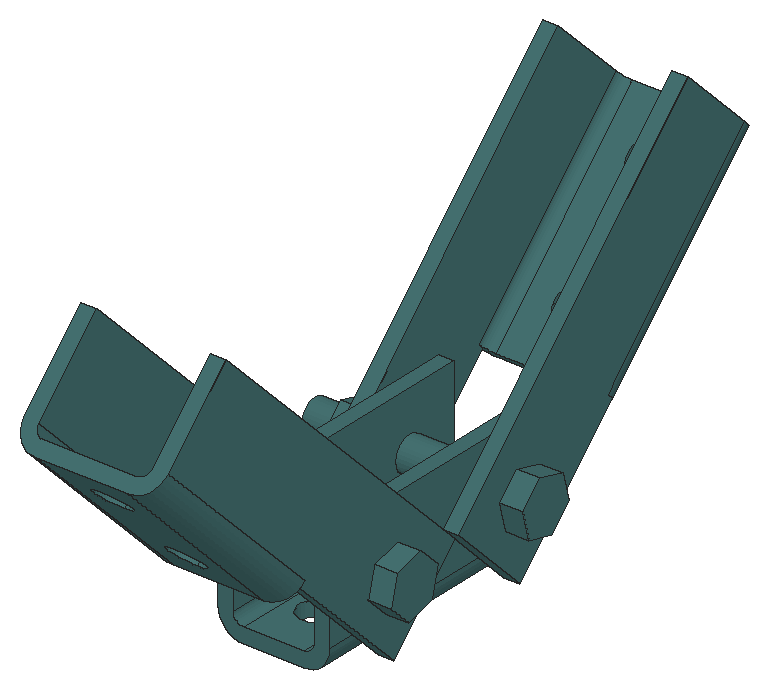
Revit family "P2815D_Adjustable_Brace_Fitting", category Generic Models, Revit 2020
Family settings
  Can host rebar = No
  Round Connector Dimension = Use Diameter
  Part Type = Normal
  OmniClass Number = 23.80.30.17.17
  OmniClass Title = Cable Trays and Horizontal Racks
  Work Plane-Based = Yes
  Always vertical = No
  Cut with Voids When Loaded = No
  Shared = No
  Room Calculation Point = No
Parameters (values of type "P2815D HG")
  Width = 1.625"
  Weight = 5.260 lbm
  UPC = "\"0\""
  Type Comments = "80_77_27_15"
  Salsify ID6 = ""
  Salsify ID5 = ""
  Salsify ID4 = ""
  Salsify ID3 = ""
  Salsify ID2 = ""
  Salsify ID1 = "US-P2815D"
  Power-Strut Part Number = ""
  Part Number = "P2815D HG"
  NotFlipB [instance] = not(FlipB)  # no
  NotFlipA [instance] = not(FlipA)  # no
  Model = "P2815D"
  Length = 8.000"
  URL = "https://www.atkore.com/products/strut-and-fittings/p2815d"
  Material = Hot Dip Galvanized
  Manufacturer = "Atkore Unistrut"
  L_half = Length / 2  # 4.000"
  Height B [instance] = 2.14993"
  Height A [instance] = 2.14993"
  Height = 0.250"
  FlipB [instance] = yes
  FlipA [instance] = yes
  Disclaimer = "http://www.unistrut.us/model-disclaimer/"
  Description = "P2815D - Adjustable Brace Fitting"
  Default Elevation = 48.000"
  Base B [instance] = 2.14993"
  Base A [instance] = 2.14993"
Types (4): name | Weight | UPC | Salsify ID6 | Salsify ID5 | Salsify ID4 | Salsify ID3 | Salsify ID2 | Power-Strut Part Number | Part Number | Material
  P2815D HG | 5.260 lbm | "\"0\"" | "" | "" | "" | "" | "" | "" | "P2815D HG" | Hot Dip Galvanized
  P2815D EG | 4.970 lbm | "\"78636403256\"" | " " | " " | " " | " " | " " | "PS 9401 EG" | "P2815D EG" | Electro Galvanized
  P2815D GR | 4.970 lbm | "\"0\"" | "" | "" | "" | "" | "" | "" | "P2815D GR" | Green
  P2815D ZD | 4.970 lbm | "\"0\"" | "" | "" | "" | "" | "" | "" | "P2815D ZD" | Zinc Dichromate
Reference planes (in)
  plane 1 "Center (Front/Back)": y = 0
  plane 2: z = 0
  plane 3 "Center (Left/Right)": x = 0
  plane 4: x = -0.8125
  plane 5: x = 0.8125
  plane 6: x = -0.28125
  plane 7: x = 0.28125
  plane 8: z = 1.03262
  plane 9: z = 3.18255
  plane 10: y = -1.1875
  plane 11: y = -1.1875
  plane 12: y = 1.1875
  plane 13: y = -3.33743
  plane 14: y = 3.33743
  plane 15: z = 3.18255
Forms (in)
  Extrusion 1, solid, material "Hot Dip Galvanized" <- "Material"
    sketch origin (0, 0, 0) x (1, 0, 0) y (0, 0, 1)
      loop
        line (-0.5925, 1.875) -> (-0.8125, 1.875) -> (-0.8125, 0.376)
        arc (-0.8125, 0.376) -> (-0.70237, 0.11013) -> (-0.4365, 0) r 0.376
        line (-0.4365, 0) -> (0.4365, 0)
        arc (0.4365, 0) -> (0.70237, 0.11013) -> (0.8125, 0.376) r 0.376
        line (0.8125, 0.376) -> (0.8125, 1.875) -> (0.5925, 1.875) -> (0.5925, 0.376)
        arc (0.5925, 0.376) -> (0.54681, 0.26569) -> (0.4365, 0.22) r 0.156
        line (0.4365, 0.22) -> (-0.4365, 0.22)
        arc (-0.4365, 0.22) -> (-0.54681, 0.26569) -> (-0.5925, 0.376) r 0.156
        line (-0.5925, 0.376) -> (-0.5925, 1.875)
    from -2 to 2
  Extrusion 2, void
    sketch origin (0, 0, 0) x (1, 0, 0) y (0, 1, 0)
      loop
        circle (0, 1.18754) r 0.28125
      loop
        circle (0, -1.18754) r 0.28125
    from 0 to 0.22
Cuts and joins
  Extrusion 2 cuts Extrusion 1
Lines and regions (in)
  reference lines
    curve 1: line (0, -1.1875, 1.03262) -> (0, -3.33743, 3.18255)
    curve 2: line (0, -1.1875, 1.03262) -> (0, -1.625, 0.59512)
    curve 3: line (0, 1.1875, 1.03262) -> (0, 3.33743, 3.18255)
    curve 4: line (0, 1.94546, 0.27466) -> (0, 1.1875, 1.03262)
Dimensions and locks (in)
  equal spacing: plane 4, plane 3 "Center (Left/Right)", plane 5
  "Width": plane 4 to plane 5
  locked: plane 6 to plane 7 at 0.5625
  "Height B": plane 9 to plane 8
  plane 12 to plane 1 "Center (Front/Back)" to plane 10 = 1.1875" locked, 1.1875" locked
  "Base B": plane 10 to plane 13
  "Base A": plane 14 to plane 12
  "Height A": plane 15 to plane 8
  locked: plane 8 to level at 1.03262
  locked: curve 2 to curve 1 (angle 90.00°)
  locked: curve 3 to curve 4 (angle 90.00°)
  aligned and locked: plane 2 to level
  aligned and locked: plane 9 to curve 1
  aligned and locked: plane 8 to curve 1
  aligned and locked: nested 1 to curve 2
  aligned and locked: curve 4 to nested 2
  aligned and locked: plane 14 to curve 3
  aligned and locked: plane 15 to curve 3
  aligned and locked: plane 12 to curve 3
  aligned and locked: plane 8 to curve 3
  aligned and locked: plane 10 to curve 1
  aligned and locked: plane 13 to curve 1
  aligned and locked: plane 3 "Center (Left/Right)" to nested 2
  aligned and locked: curve 4 to nested 4
  aligned and locked: nested 3 to curve 2
  aligned and locked: nested 4 to plane 3 "Center (Left/Right)"
  aligned and locked: plane 3 "Center (Left/Right)" to nested 3
Automatic sketch dimensions
  curve 2 to curve 1 = 0.000"  (x2)
  Extrusion 1 sketch curve to Extrusion 1 sketch curve = 0.000"  (x4)
  plane 4 to Extrusion 1 sketch curve = 0.000"
  Extrusion 1 sketch curve to level = 0.000"
  plane 5 to Extrusion 1 sketch curve = 0.000"
  Extrusion 1 sketch curve to Extrusion 1 sketch curve = 0.220"
  plane 6 to Extrusion 1 sketch curve = 0.15525"
  Extrusion 1 sketch curve to plane 7 = 0.15525"
  plane 8 to Extrusion 1 sketch curve = 0.84237"  (x2)
  Extrusion 2 sketch curve to Extrusion 2 sketch curve = 0.000"  (x4)
  Extrusion 2 sketch curve to plane 3 "Center (Left/Right)" = 0.000"  (x2)
  plane 10 to Extrusion 2 sketch curve = 0.00004"
  plane 12 to Extrusion 2 sketch curve = 0.00004"
  Extrusion 2 sketch curve to Extrusion 2 sketch curve = 0.28125"
  Extrusion 2 sketch curve to plane 12 = 0.28121"
  curve 4 to curve 3 = 0.000"  (x2)
Nested families (in)
  nested 1: "P2815 ARM" at (0, -1.1875, 1.03262) x (0, -0.7071, 0.7071) z (0, 0.7071, 0.7071), visible <- "NotFlipB", type "Type 1"
  nested 2: "P2815 ARM" at (0, 1.1875, 1.03262) x (0, 0.7071, 0.7071) z (0, -0.7071, 0.7071), visible <- "NotFlipA", type "Type 1"
  nested 3: "P2815 ARM" at (0, -1.1875, 1.03262) x (0, -0.7071, 0.7071) z (0, -0.7071, -0.7071), visible <- "FlipB", type "Type 1"
  nested 4: "P2815 ARM" at (0, 1.1875, 1.03262) x (0, 0.7071, 0.7071) z (0, 0.7071, -0.7071), visible <- "FlipA", type "Type 1"
Definition of nested family "P2815 ARM"
  Parameters (values of type "Type 1")
    URL = ""
    UPC = ""
    Part Number = ""
    Model = ""
    Material = none
    Manufacturer = "Atkore Unistrut"
    Hanging Load Rating/lbs. = ""
    Disclaimer = ""
    Description = ""
    Default Elevation = 48.000"
  Reference planes (in)
    plane 1 "Center (Front/Back)": y = 0
    plane 2: z = 0
    plane 3 "Center (Left/Right)": x = 0
  Forms (in)
    Extrusion 1, solid
      sketch origin (0, 0, 0) x (1, 0, 0) y (0, 1, 0)
        loop
          line (-48, 48) -> (-48, -48) -> (48, -48) -> (48, 48) -> (-48, 48)
      from 0 to -12
    Extrusion 2, solid, material <- "Material"
      sketch origin (0, 0, 0) x (0, 1, 0) y (0, 0, 1)
        loop
          line (-0.67213, 0.8125) -> (0.67213, 0.8125)
          arc (0.67213, 0.8125) -> (0.78243, 0.76681) -> (0.82813, 0.6565) r 0.156
          line (0.82813, 0.6565) -> (0.82813, -0.8125) -> (1.04813, -0.8125) -> (1.04813, 0.6565)
          arc (1.04813, 0.6565) -> (0.938, 0.92237) -> (0.67213, 1.0325) r 0.376
          line (0.67213, 1.0325) -> (-0.67213, 1.0325)
          arc (-0.67213, 1.0325) -> (-0.938, 0.92237) -> (-1.04813, 0.6565) r 0.376
          line (-1.04813, 0.6565) -> (-1.04813, -0.8125) -> (-0.82813, -0.8125) -> (-0.82813, 0.6565)
          arc (-0.82813, 0.6565) -> (-0.78243, 0.76681) -> (-0.67213, 0.8125) r 0.156
      from 1.5625 to 5.0625
    Extrusion 3, solid, material <- "Material"
      sketch origin (0, 0, -0.2501) x (0, 1, 0) y (0, 0, 1)
        loop
          line (0.82812, 1.0001) -> (0.82812, -0.5624) -> (1.04813, -0.5624) -> (1.04813, 1.0001) -> (0.82812, 1.0001)
        loop
          line (-0.82812, 1.0001) -> (-1.04813, 1.0001) -> (-1.04813, -0.5624) -> (-0.82812, -0.5624) -> (-0.82812, 1.0001)
      from -0.8125 to 1.5625
    Extrusion 4, void
      sketch origin (0, 0, 0) x (1, 0, 0) y (0, 1, 0)
        loop
          circle (2.375, 0) r 0.28125
        loop
          circle (4.25, 0) r 0.28125
      from 0.53888 to 1.50599
    Extrusion 5, solid, material <- "Material"
      sketch origin (0, 0, 0) x (1, 0, 0) y (0, 0, 1)
        loop
          line (0.21651, 0.375) -> (-0.21651, 0.375) -> (-0.43301, 0) -> (-0.21651, -0.375) -> (0.21651, -0.375) -> (0.43301, 0) -> (0.21651, 0.375)
      from 1.04813 to 1.39188
    Extrusion 6, solid, material <- "Material"
      sketch origin (0, 3.33913, 0) x (1, 0, 0) y (0, 0, 1)
        loop
          line (0.21651, 0.375) -> (-0.21651, 0.375) -> (-0.43301, 0) -> (-0.21651, -0.375) -> (0.21651, -0.375) -> (0.43301, 0) -> (0.21651, 0.375)
      from 1.84098 to 2.27848
    Extrusion 7, void
      sketch origin (0, 0, 0) x (1, 0, 0) y (0, 0, 1)
        loop
          circle (0, 0) r 0.28125
      from -1.04813 to 1.04813
    Extrusion 8, solid, material <- "Material"
      sketch origin (0, 0, 0) x (1, 0, 0) y (0, 0, 1)
        loop
          circle (0, 0) r 0.25
      from -1.95187 to 1.04813
  Cuts and joins
    Extrusion 4 cuts Extrusion 2
    Extrusion 4, Extrusion 7 cuts Extrusion 3
    joined: Extrusion 2, Extrusion 3
    joined: Extrusion 5, Extrusion 6, Extrusion 8
  Dimensions and locks (in)
    aligned and locked: plane 2 to Extrusion 1
    aligned and locked: level to Extrusion 1
